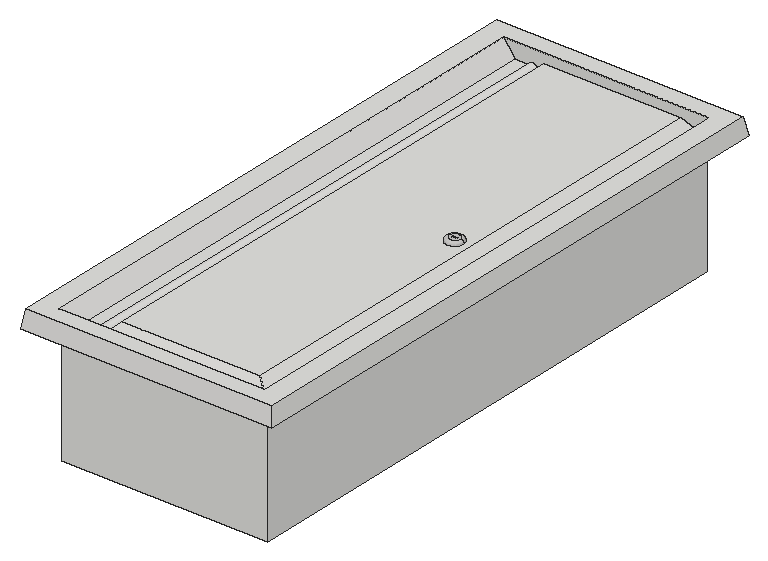
Revit family "Fire_Extinguisher_Cabinet-Whitehall-BestCare-WH1704-A", category Specialty Equipment, host Face, Revit 2018
Family settings
  Host = Face
  Round Connector Dimension = Use Diameter
  Part Type = Normal
  OmniClass Number = 23.65.70.17.27
  OmniClass Title = Fire Extinguishers
  Cut with Voids When Loaded = No
  Shared = Yes
  Room Calculation Point = No
Parameters (values of type "WH1704-A")
  Width = 11"  # constant formula
  URL = "http://www.whitehallmfg.com/"
  Type Comments = ""
  Product Page URL = "https://www.whitehallmfg.com/product.aspx?ProductId=952"
  Product Documentation Link = "https://www.whitehallmfg.com/uploads/fileLibrary/WH1704-A.pdf"
  Model = "WH1704-A"
  Material = "Stainless Steel-Whitehall-Powder Coated White"  # constant formula
  Manufacturer = "Whitehall Manufacturing"  # constant formula
  Length = 6"  # constant formula
  Installation Type = "Wall Mounted"  # constant formula
  Height = 26"  # constant formula
  Description = "BestCare® Ligature-Resistant Recessed Fire Extinguisher Cabinet"  # constant formula
  Default Elevation = 0"
  Creation Date = "04/21/2022"  # constant formula
  Body Material = Stainless Steel-Whitehall-Powder Coated White
  Assembly Code = "D4030200"
Reference planes (in)
  plane 1 "Center (Front/Back)": y = 0
  plane 2: z = 0
  plane 3 "Center (Left/Right)": x = 0
  plane 4: x = -5.5
  plane 5: x = 5.5
  plane 6: y = 13
  plane 7: y = -13
  plane 8: z = 0.75
  plane 9: z = -5.25
  plane 10: y = -12
  plane 11: y = 12
  plane 12: x = 4.5
  plane 13: x = -4.5
  plane 14: y = 12.125
  plane 15: y = -12.125
  plane 16: x = -3
Forms (in)
  Blend 1, solid, material "Stainless Steel-Whitehall-Powder Coated White" <- "Body Material"
    base sketch origin (0, 0, 0) x (1, 0, 0) y (0, 1, 0)
      loop
        line (-5.5, 13) -> (-5.5, -13) -> (5.5, -13) -> (5.5, 13) -> (-5.5, 13)
    top sketch origin (0, 0, 0) x (1, 0, 0) y (0, 1, 0)
      loop
        line (-5.375, 12.875) -> (-5.375, -12.875) -> (5.375, -12.875) -> (5.375, 12.875) -> (-5.375, 12.875)
    from 0 to 0.75
  Blend 2, solid, material "Stainless Steel-Whitehall-Powder Coated White" <- "Body Material"
    base sketch origin (0, 0, 0) x (1, 0, 0) y (0, 1, 0)
      loop
        line (-3, 12) -> (-3, -12) -> (4.5, -12) -> (4.5, 12) -> (-3, 12)
    top sketch origin (0, 0, 0) x (1, 0, 0) y (0, 1, 0)
      loop
        line (-2.25, 11.5) -> (-2.25, -11.5) -> (3.75, -11.5) -> (3.75, 11.5) -> (-2.25, 11.5)
    from 0 to 0.75
  Sweep 3, solid, material "Metal-Whitehall-Stainless Steel"
    path origin (-0.40625, 0, 0) x (1, 0, 0) y (0, 1, 0)
      loop
        circle (3.4848, 0) r 0.25
    profile origin (3.07855, 0.25, 0) x (0, -1, 0) y (0, 0, 1)
      loop
        line (0, 0.75) -> (0, 0.88372)
        arc (0, 0.88372) -> (-0.09456, 0.84456) -> (-0.13372, 0.75) r 0.13372
        line (-0.13372, 0.75) -> (0, 0.75)
  Extrusion 4, solid, material "Metal-Whitehall-Stainless Steel"
    sketch origin (-0.40625, 0, 0) x (1, 0, 0) y (0, 1, 0)
      loop
        circle (3.4848, 0) r 0.25
      loop
        line (3.35642, 0.02885) -> (3.35642, -0.02885) -> (3.61087, -0.02885) -> (3.61087, 0.02885) -> (3.35642, 0.02885)
    from 0.75 to 0.88372
  Extrusion 5, solid, material "Stainless Steel-Whitehall-Powder Coated White" <- "Body Material"
    sketch origin (0, 0, 0) x (1, 0, 0) y (0, 1, 0)
      loop
        line (-4.5, 12) -> (-4.5, -12) -> (4.5, -12) -> (4.5, 12) -> (-4.5, 12)
    from -5.25 to 0
  Blend 6, void
    base sketch origin (0, 0, 0) x (1, 0, 0) y (0, 1, 0)
      loop
        line (-4, 12.125) -> (-4, -12.125) -> (4.5, -12.125) -> (4.5, 12.125) -> (-4, 12.125)
    top sketch origin (0, 0, 0) x (1, 0, 0) y (0, 1, 0)
      loop
        line (-4.5, 12.125) -> (-4.5, -12.125) -> (4.5, -12.125) -> (4.5, 12.125) -> (-4.5, 12.125)
    from 0.0456 to 0.75
  Extrusion 7, solid, material "Stainless Steel-Whitehall-Powder Coated White" <- "Body Material"
    sketch origin (-0.125, 0, 0) x (1, 0, 0) y (0, 0, 1)
      loop
        circle (-3, 0) r 0.25
    from -12 to 12
  Extrusion 8, void
    sketch origin (4.5, 19.47459, 0) x (0, 1, 0) y (0, 0, -1)
      loop
        line (-31.59959, 5.25) -> (-31.59959, 0) -> (-7.34959, 0) -> (-7.34959, 5.25) -> (-31.59959, 5.25)
    from 0 to 9
Cuts and joins
  Blend 6 cuts Sweep 3
  Blend 6 cuts Extrusion 4
  joined: Sweep 3, Extrusion 4
  Blend 6 cuts Blend 1
  Blend 6 cuts Extrusion 5
Lines and regions (in)
  Masking region 1
    outline origin (0, 0, 0) x (1, 0, 0) y (0, 0, 1)
      loop
        line (-5.5, 0) -> (5.5, 0) -> (5.375, 0.75) -> (3.46228, 0.75)
        arc (3.46228, 0.75) -> (3.42311, 0.84456) -> (3.32855, 0.88372) r 0.13372
        line (3.32855, 0.88372) -> (2.82855, 0.88372)
        arc (2.82855, 0.88372) -> (2.734, 0.84456) -> (2.69483, 0.75) r 0.13372
        line (2.69483, 0.75) -> (-5.375, 0.75) -> (-5.5, 0)
  Masking region 2, detail levels medium+fine
    outline origin (0, 0, 0) x (1, 0, 0) y (0, 0, 1)
      loop
        line (4.5, -5.25) -> (4.5, 0) -> (-4.5, 0) -> (-4.5, -5.25) -> (4.5, -5.25)
  symbolic lines, detail levels medium+fine
    curve 1: line (5, 0, 0.75) -> (-5, 0, 0.75)
Dimensions and locks (in)
  equal spacing: plane 4, plane 3 "Center (Left/Right)", plane 5
  "Width": plane 4 to plane 5
  equal spacing: plane 7, plane 1 "Center (Front/Back)", plane 6
  "Height": plane 6 to plane 7
  plane 8 to host face = 3/4"
  host face to plane 9 = 5 1/4"
  equal spacing: plane 10, plane 1 "Center (Front/Back)", plane 11
  plane 10 to plane 11 = 24"
  equal spacing: plane 13, plane 3 "Center (Left/Right)", plane 12
  plane 13 to plane 12 = 9"
  plane 6 to plane 14 = 7/8"
  plane 7 to plane 15 = 7/8"
  aligned and locked: plane 2 to host face
  aligned and locked: level to host face
  aligned and locked: Blend 1 sketch curve to plane 6
  aligned and locked: plane 4 to Blend 1 sketch curve
  aligned and locked: Blend 1 sketch curve to plane 7
  aligned and locked: plane 5 to Blend 1 sketch curve
  aligned and locked: plane 8 to Blend 1
  aligned and locked: plane 11 to Blend 2 sketch curve
  aligned and locked: plane 10 to Blend 2 sketch curve
  aligned and locked: Blend 2 to level
  aligned and locked: plane 8 to Blend 2
  aligned and locked: Extrusion 4 sketch curve to Sweep 3
  aligned and locked: Extrusion 4 to plane 8
  aligned and locked: Extrusion 4 to Sweep 3
  aligned and locked: plane 13 to Extrusion 5 sketch curve
  aligned and locked: plane 12 to Extrusion 5 sketch curve
  aligned and locked: plane 11 to Extrusion 5 sketch curve
  aligned and locked: plane 10 to Extrusion 5 sketch curve
  aligned and locked: Extrusion 5 to plane 9
  aligned and locked: level to Extrusion 5
  aligned and locked: Masking region 2 sketch curve to Blend 2
  aligned and locked: Blend 1 to Blend 6
  aligned and locked: plane 15 to Blend 6 sketch curve
  aligned and locked: Extrusion 8 sketch curve to plane 9
  aligned and locked: Extrusion 8 sketch curve to plane 15
  aligned and locked: plane 14 to Extrusion 8 sketch curve
  aligned and locked: host face to Extrusion 8 sketch curve
  aligned and locked: Masking region 1 sketch curve to cut or joined group of Blend 1, Blend 6  (x2)
  aligned and locked: Extrusion 8 to Masking region 2
Automatic sketch dimensions
  host sketch curve to host sketch curve = 96"  (x2)
  plane 1 "Center (Front/Back)" to Sweep 3 sketch curve = 0"
  plane 12 to Sweep 3 sketch curve = 1.42145"
  level to Sweep 3 sketch curve = 3/4"
  profile plane to Sweep 3 sketch curve = 0.13372"
  Sweep 3 sketch curve to profile plane = 0"
  plane 1 "Center (Front/Back)" to Extrusion 4 sketch curve = 0.02885"
  Extrusion 4 sketch curve to Extrusion 4 sketch curve = 0.12838"
  Extrusion 4 sketch curve to Extrusion 4 sketch curve = 0.12607"
  Extrusion 4 sketch curve to plane 1 "Center (Front/Back)" = 0.02885"
  plane 8 to Masking region 1 sketch curve = 0.13372"
  plane 12 to Masking region 1 sketch curve = 1.67145"
  Masking region 1 sketch curve to Masking region 1 sketch curve = 1/2"
  Masking region 1 sketch curve to plane 8 = 0"  (x2)
  plane 4 to Blend 1 sketch curve = 1/8"
  plane 5 to Blend 1 sketch curve = 1/8"
  Blend 1 sketch curve to plane 7 = 1/8"
  Blend 1 sketch curve to plane 6 = 1/8"
  plane 4 to curve 1 = 1/2"
  plane 5 to curve 1 = 1/2"
  plane 16 to Blend 2 sketch curve = 3/4"
  plane 10 to Blend 2 sketch curve = 1/2"
  plane 11 to Blend 2 sketch curve = 1/2"
  plane 12 to Blend 2 sketch curve = 3/4"
  curve 1 to plane 8 = 0"
  Masking region 2 sketch curve to plane 9 = 0"
  Masking region 2 sketch curve to plane 13 = 0"
  plane 12 to Masking region 2 sketch curve = 0"
  Blend 6 sketch curve to plane 14 = 0"  (x2)
  plane 4 to Blend 6 sketch curve = 1"
  plane 5 to Blend 6 sketch curve = 1"
  Extrusion 7 sketch curve to level = 0"
  Extrusion 7 sketch curve to plane 16 = 1/8"
  Blend 2 sketch curve to plane 16 = 0"
  plane 12 to Blend 2 sketch curve = 0"
  Blend 6 sketch curve to plane 10 = 1/8"
  Blend 6 sketch curve to plane 12 = 0"
  plane 13 to Blend 6 sketch curve = 1/2"
  Masking region 1 sketch curve to level = 0"
  radius of Sweep 3 sketch curve = 1/4"
  radius of Extrusion 7 sketch curve = 1/4"
